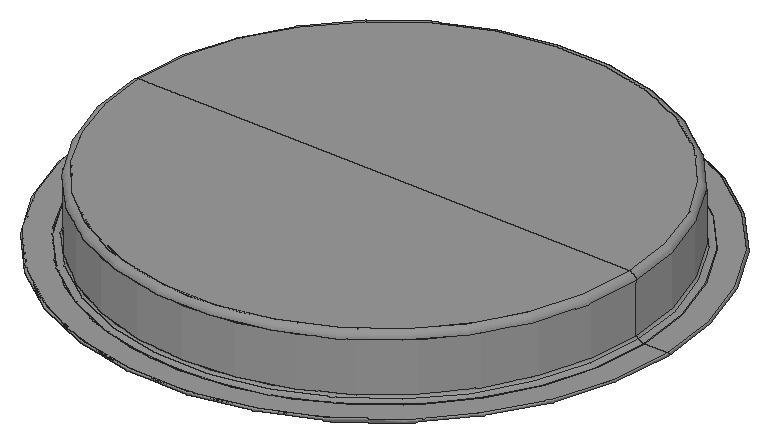
Revit family "MIA12_63_UN_Downlighter_ETK", category Lighting Fixtures, Revit 2017 (continued)
Definition of nested family "MIA.1 - Lightsource"
  Types (8, lengths in mm): name | Wattage | built-in parameter 1150134 | Photometric Web File | built-in parameter 1150142 | built-in parameter 1150105 | Lumens | built-in parameter 1150107 | built-in parameter 1150106
    MIA.1210.15 -  Ø180 / 10W / 1000lm / 3000K | 6.7321 W | (empty or 0) | "MIA.1210.15_LDT.ies" | "IESNA91\r\n[MANUFAC]  www.etk.nl\r\n[LUMCAT] MIA.1210.15\r\n[LUMINAIRE] MIA.1 LED 10W 3000K ø180 1000Lm mat wit \r\n[LAMP] LED\r\n[CHANGED] this file converted to 'ies' from 'ldt' by IES Viewer v2.99n    (C) Andrey Legotin\r\nTILT=NONE\r\n1 1000 1 181 24 1 2 0 -0.16 0\r\n1 1 10\r\n0 1 2 3 4 5 6 7 8 9 10 11 12 13 14 15 16 17 18 19 20 21 22 \r\n23 24 25 26 27 28 29 30 31 32 33 34 35 36 37 38 39 40 41 42 \r\n43 44 45 46 47 48 49 50 51 52 53 54 55 56 57 58 59 60 61 62 \r\n63 64 65 66 67 68 69 70 71 72 73 74 75 76 77 78 79 80 81 82 \r\n83 84 85 86 87 88 89 90 91 92 93 94 95 96 97 98 99 100 101 \r\n102 103 104 105 106 107 108 109 110 111 112 113 114 115 116 \r\n117 118 119 120 121 122 123 124 125 126 127 128 129 130 131 \r\n132 133 134 135 136 137 138 139 140 141 142 143 144 145 146 \r\n147 148 149 150 151 152 153 154 155 156 157 158 159 160 161 \r\n162 163 164 165 166 167 168 169 170 171 172 173 174 175 176 \r\n177 178 179 180 \r\n0 15 30 45 60 75 90 105 120 135 150 165 180 195 210 225 240 \r\n255 270 285 300 315 330 345 \r\n346.7666 346.96 346.9237 346.8029 346.1864 346.1139 \r\n345.4611 344.9293 344.1073 343.7931 342.8381 341.5206 \r\n340.2635 338.6317 336.9394 334.9934 332.5879 331.4638 \r\n329.7474 327.3661 325.1541 322.652 320.5125 317.95 314.9523 \r\n312.4018 309.4524 306.3459 303.0098 300.0121 296.9539 \r\n293.2189 289.5322 285.8697 282.0742 278.2546 274.6283 \r\n270.7845 266.8198 262.4199 258.3706 253.9466 249.5588 \r\n245.2315 240.2393 235.6219 230.9924 226.387 222.0839 \r\n216.6203 211.3381 206.5031 201.3659 196.3858 190.9223 \r\n185.8334 180.3941 175.0635 169.6483 163.8342 159.0112 \r\n153.318 147.4193 142.0525 136.4559 130.8473 125.0695 \r\n119.3884 113.7314 108.0865 102.4417 96.9298 91.3212 85.5675 \r\n80.1402 74.6283 69.1285 63.4715 58.1651 52.7257 47.3951 \r\n42.2217 37.0241 31.9231 26.8343 21.8421 16.9588 12.1721 \r\n7.5063 3.1911 0.7857 0.133 0.1209 0.1209 0.1209 0.1209 \r\n0.1209 0.1209 0.1209 0.1209 0.1209 0.133 0.1451 0.1571 \r\n0.1571 0.1692 0.1692 0.1813 0.1813 0.2055 0.2055 0.2176 \r\n0.2297 0.2418 0.2538 0.2659 0.2659 0.278 0.278 0.2901 \r\n0.3022 0.3264 0.3264 0.3143 0.3264 0.3385 0.3505 0.3505 \r\n0.3626 0.3747 0.3868 0.3868 0.3989 0.411 0.411 0.411 0.4352 \r\n0.4352 0.4352 0.4472 0.4472 0.4593 0.4714 0.4714 0.4835 \r\n0.4956 0.4956 0.4956 0.5077 0.5077 0.5077 0.5077 0.5198 \r\n0.5198 0.5198 0.5319 0.5319 0.5319 0.5319 0.5319 0.5319 \r\n0.5319 0.5319 0.5319 0.5319 0.5319 0.5319 0.556 0.556 0.556 \r\n0.556 0.6044 0.6165 0.6406 0.6406 0.6527 0.6527 0.6527 \r\n0.6527 0.6527 0.6406 \r\n348.3742 347.7578 349.2083 348.2413 348.0962 346.9842 \r\n346.5248 345.9084 346.0172 344.8326 343.6964 343.6722 \r\n341.0734 340.3119 338.2812 336.3472 334.5582 332.9868 \r\n331.1374 328.3936 327.2936 324.5739 321.3828 319.6059 \r\n316.4632 313.7314 311.4469 307.7602 305.0526 301.9098 \r\n298.6341 295.1287 291.7442 287.7674 284.5401 280.5633 \r\n276.9733 273.3954 269.0801 264.6924 260.6551 256.6421 \r\n252.1818 247.1776 243.092 238.535 234.0868 229.3122 \r\n224.4772 218.8807 213.2842 207.6877 202.5867 197.6067 \r\n192.7958 187.5378 181.9413 176.3447 170.8933 165.466 \r\n160.0266 154.6356 149.0632 143.4667 137.9669 132.455 \r\n126.931 120.7784 115.1698 109.6337 103.9768 98.2594 92.5299 \r\n86.9213 81.4094 75.9579 70.3856 64.9462 59.4585 54.14 \r\n48.7731 43.503 38.2086 33.0835 28.0189 23.063 18.0708 \r\n13.1875 8.4854 3.9889 1.1483 0.0967 0.0967 0.1088 0.1088 \r\n0.1088 0.1209 0.1209 0.1209 0.133 0.1451 0.1571 0.1692 \r\n0.1692 0.1813 0.1934 0.1934 0.2055 0.2176 0.2297 0.2297 \r\n0.2418 0.2538 0.2659 0.278 0.278 0.2901 0.3022 0.3143 \r\n0.3264 0.3264 0.3385 0.3505 0.3626 0.3626 0.3626 0.3747 \r\n0.3868 0.3989 0.3989 0.411 0.4231 0.4231 0.4352 0.4352 \r\n0.4472 0.4593 0.4593 0.4714 0.4714 0.4835 0.4956 0.5077 \r\n0.5077 0.5077 0.5077 0.5077 0.5319 0.5319 0.5319 0.5319 \r\n0.5319 0.5319 0.5319 0.5319 0.5319 0.5319 0.5439 0.5439 \r\n0.5439 0.5439 0.5439 0.5439 0.5439 0.556 0.556 0.556 0.5681 \r\n0.5681 0.5802 0.6044 0.6044 0.6165 0.6165 0.6165 0.6286 \r\n0.6286 0.6406 0.6286 0.6286 0.6406 \r\n347.794 348.1083 348.0479 347.7336 347.5402 347.6973 \r\n346.8512 346.0293 345.7512 344.5667 343.7326 342.5964 \r\n341.2426 340.0218 338.5229 336.9394 335.0538 333.4341 \r\n331.5363 329.2518 327.5837 324.719 322.2048 319.896 \r\n317.1401 313.816 311.193 308.3887 305.3427 301.8494 \r\n298.8396 295.2133 291.297 288.263 284.528 280.6237 276.6348 \r\n273.1415 269.4669 265.466 260.3409 256.5333 251.7104 \r\n247.0809 242.8865 238.8372 234.2198 228.9617 224.2717 \r\n219.2917 213.9369 209.2711 204.5207 198.9121 193.6178 \r\n188.5289 183.2346 177.3722 172.1383 166.6747 161.1749 \r\n156.1102 150.2115 144.5546 138.8614 133.3495 127.9101 \r\n121.9872 116.4511 110.7579 105.0647 99.3714 93.9562 88.3476 \r\n82.8357 77.1909 71.6306 66.1187 60.776 55.2037 49.7885 \r\n44.5908 39.3086 34.0868 28.9738 23.9333 18.9532 14.1182 \r\n9.3074 4.7625 1.4747 0.133 0.1209 0.1209 0.1209 0.1209 \r\n0.1209 0.1209 0.1209 0.1209 0.1209 0.1209 0.1451 0.1571 \r\n0.1571 0.1571 0.1692 0.1813 0.1934 0.2055 0.2055 0.2176 \r\n0.2297 0.2418 0.2418 0.2538 0.2659 0.278 0.278 0.2901 \r\n0.3022 0.3143 0.3264 0.3264 0.3264 0.3264 0.3385 0.3505 \r\n0.3626 0.3626 0.3868 0.3868 0.3989 0.3989 0.411 0.411 \r\n0.4352 0.4352 0.4352 0.4472 0.4472 0.4593 0.4714 0.4714 \r\n0.4835 0.4956 0.4956 0.5077 0.5077 0.5077 0.5077 0.5077 \r\n0.5198 0.5198 0.5319 0.5319 0.5319 0.5319 0.5319 0.5319 \r\n0.5439 0.5439 0.5439 0.5439 0.5439 0.5439 0.5439 0.556 \r\n0.556 0.556 0.5681 0.6044 0.6286 0.6406 0.6527 0.6648 \r\n0.6648 0.6769 0.6769 0.6648 0.6406 \r\n346.5369 347.8666 347.2017 346.4161 346.3798 346.4886 \r\n346.3677 345.8359 344.8205 344.7963 343.5755 342.0887 \r\n340.88 339.6591 338.8009 337.701 334.9208 332.9868 330.8594 \r\n328.865 327.487 324.2355 322.3861 319.6422 317.539 315.1819 \r\n311.2897 308.0019 304.7504 302.3087 299.166 295.999 \r\n292.2761 289.0971 285.7367 281.8808 277.7106 274.0602 \r\n269.89 265.7198 261.6826 257.0893 252.762 249.2929 244.0832 \r\n239.4416 234.7758 230.1946 225.553 220.0169 214.4688 \r\n208.9448 204.0977 199.0209 193.8595 188.6136 182.9929 \r\n177.6744 172.38 166.8923 161.465 156.1465 150.5137 144.893 \r\n139.369 133.7121 127.6804 122.3136 116.7533 111.0963 \r\n105.5482 99.7462 94.1376 88.4564 82.9808 77.3963 71.7515 \r\n66.4209 60.8365 55.6388 50.1511 44.8205 39.5383 34.4978 \r\n29.3485 24.3201 19.2917 14.36 9.6821 5.0284 1.5956 0.1088 \r\n0.0967 0.1088 0.1088 0.1209 0.1209 0.1209 0.133 0.1451 \r\n0.1451 0.1571 0.1571 0.1813 0.1813 0.1934 0.1934 0.2055 \r\n0.2176 0.2297 0.2418 0.2418 0.2538 0.2659 0.278 0.2901 \r\n0.2901 0.3143 0.3143 0.3264 0.3385 0.3385 0.3505 0.3626 \r\n0.3626 0.3747 0.3747 0.3868 0.3868 0.3989 0.411 0.4231 \r\n0.4231 0.4231 0.4352 0.4352 0.4352 0.4472 0.4593 0.4593 \r\n0.4714 0.4835 0.4956 0.5077 0.5077 0.5077 0.5198 0.5198 \r\n0.5198 0.5198 0.5198 0.5198 0.5198 0.5319 0.5319 0.5319 \r\n0.5319 0.5319 0.5319 0.5319 0.5439 0.5439 0.5439 0.5439 \r\n0.556 0.556 0.5681 0.5681 0.5802 0.5923 0.6044 0.6044 \r\n0.6165 0.6165 0.6286 0.6286 0.6406 0.6406 0.6406 0.6406 \r\n0.6406 \r\n347.0688 347.5402 348.0358 348.3501 348.2413 347.1655 \r\n346.7787 347.2259 345.8721 345.0381 343.9744 342.3788 \r\n341.3514 339.6229 338.7526 337.3142 335.1988 333.0956 \r\n330.8836 329.0221 327.1123 324.7069 322.2168 319.1708 \r\n317.1401 314.5655 311.3139 308.7151 305.3669 302.212 \r\n299.2747 295.5397 291.986 288.6377 284.9631 280.9017 \r\n277.348 273.5646 269.7208 265.611 261.1024 256.9201 \r\n252.4115 247.6611 243.2733 238.8734 233.7363 229.3606 \r\n224.586 219.3279 214.6863 209.5975 204.6416 199.3714 \r\n194.4035 189.0487 183.4159 178.1458 172.7306 166.9527 \r\n161.6584 156.2553 150.6829 145.0502 139.4778 133.8813 \r\n128.321 122.5553 117.1401 111.4469 105.7416 100.0363 \r\n94.3914 88.5894 83.1863 77.6139 72.0053 66.6143 60.9573 \r\n55.663 50.3324 45.0018 39.8163 34.5703 29.4331 24.4168 \r\n19.4246 14.5413 9.7667 5.1735 1.6439 0.1692 0.1209 0.1088 \r\n0.1088 0.1088 0.1088 0.1088 0.1088 0.1088 0.1209 0.1209 \r\n0.1451 0.1451 0.1571 0.1571 0.1692 0.1813 0.1813 0.2055 \r\n0.2176 0.2176 0.2297 0.2297 0.2418 0.2538 0.2659 0.278 \r\n0.278 0.2901 0.3022 0.3264 0.3264 0.3264 0.3264 0.3385 \r\n0.3505 0.3505 0.3626 0.3747 0.3747 0.3868 0.3989 0.411 \r\n0.411 0.411 0.4352 0.4352 0.4472 0.4352 0.4352 0.4472 \r\n0.4472 0.4593 0.4593 0.4714 0.4714 0.4956 0.4956 0.5077 \r\n0.5077 0.5077 0.5198 0.5198 0.5198 0.5319 0.5319 0.5319 \r\n0.5319 0.5319 0.5319 0.5319 0.5319 0.5319 0.5319 0.5439 \r\n0.5439 0.5439 0.556 0.556 0.5681 0.6044 0.6286 0.6406 \r\n0.6527 0.6648 0.6769 0.6769 0.6769 0.6648 0.6406 \r\n347.794 348.1687 348.2654 347.4677 348.2171 347.238 \r\n347.3105 347.3105 345.6425 345.0743 343.9502 343.2975 \r\n341.9074 340.1185 338.7888 337.3504 335.7186 333.7 331.633 \r\n329.8078 327.7408 325.0453 322.7124 320.0894 317.5632 \r\n314.3962 312.3414 308.5459 305.8262 302.3329 299.7824 \r\n296.3133 293.0134 289.4597 285.4345 281.9896 277.904 \r\n274.4712 270.3493 266.6022 262.2628 257.6695 253.1125 \r\n248.8577 244.6392 239.8888 235.3197 230.3759 225.8189 \r\n220.2708 214.7226 209.1744 203.9043 198.9605 193.8716 \r\n188.6015 183.2588 177.7832 172.3438 167.0615 161.5134 \r\n155.9289 150.3203 144.5788 139.1394 133.4462 127.8134 \r\n122.1322 116.4995 110.7579 105.1855 99.6374 93.92 88.3114 \r\n82.7874 76.9491 71.3889 66.0703 60.5584 55.2158 49.8852 \r\n44.5304 39.2723 34.0505 28.9496 23.9454 18.929 14.1061 \r\n9.3557 4.7625 1.4505 0.1088 0.1088 0.1088 0.1088 0.1209 \r\n0.1209 0.1209 0.133 0.1451 0.1571 0.1571 0.1692 0.1813 \r\n0.1813 0.1934 0.2055 0.2176 0.2176 0.2297 0.2418 0.2538 \r\n0.2659 0.2659 0.278 0.2901 0.3022 0.3143 0.3264 0.3264 \r\n0.3385 0.3505 0.3505 0.3626 0.3626 0.3747 0.3747 0.3989 \r\n0.3989 0.411 0.4231 0.4352 0.4352 0.4352 0.4472 0.4472 \r\n0.4593 0.4714 0.4714 0.4835 0.4835 0.4956 0.5077 0.5077 \r\n0.5077 0.5198 0.5077 0.5198 0.5198 0.5319 0.5319 0.5319 \r\n0.5319 0.5319 0.5319 0.5319 0.5319 0.5319 0.5319 0.5439 \r\n0.5439 0.5439 0.5439 0.556 0.556 0.5681 0.5681 0.5802 \r\n0.5802 0.5923 0.6044 0.6165 0.6286 0.6286 0.6406 0.6406 \r\n0.6527 0.6648 0.6527 0.6527 0.6406 \r\n347.4918 347.4556 347.0325 346.9842 346.5611 346.2589 \r\n344.7842 343.3579 342.959 342.2338 341.025 339.9613 \r\n338.6438 336.9515 335.1868 333.3253 331.5363 329.699 \r\n327.4387 324.586 322.0355 320.3554 317.6599 314.3962 \r\n312.1963 309.1502 306.08 302.9494 299.6011 296.7243 \r\n293.6299 289.7256 286.0389 282.8841 279.4029 275.3656 \r\n271.7877 267.5571 263.3627 259.2893 254.8773 250.9489 \r\n246.3314 242.0283 237.4109 232.9626 228.3694 223.6553 \r\n218.2401 212.8128 207.3855 202.0065 197.5946 192.1794 \r\n187.2235 182.1709 176.8645 171.6548 166.5297 161.054 \r\n155.4938 150.0665 144.8447 139.5141 133.8692 128.1035 \r\n122.7004 117.1643 111.7853 106.2976 100.8703 95.3705 \r\n89.9553 84.5038 79.2457 73.6976 68.2098 63.0726 57.7058 \r\n52.5565 47.3589 42.3426 37.3021 32.3462 27.4628 22.6278 \r\n17.9016 13.1996 8.6667 4.2669 1.2571 0.0484 0.0604 0.0604 \r\n0.0725 0.0604 0.0725 0.0846 0.0846 0.0967 0.0967 0.1088 \r\n0.1209 0.1209 0.133 0.1451 0.1451 0.1571 0.1692 0.1813 \r\n0.1813 0.1934 0.2055 0.2055 0.2176 0.2297 0.2418 0.2418 \r\n0.2538 0.2538 0.2659 0.278 0.278 0.2901 0.3022 0.3022 \r\n0.3143 0.3143 0.3264 0.3264 0.3385 0.3505 0.3626 0.3626 \r\n0.3626 0.3747 0.3747 0.3868 0.3989 0.411 0.411 0.4231 \r\n0.4352 0.4352 0.4472 0.4472 0.4593 0.4593 0.4714 0.4714 \r\n0.4714 0.4835 0.4835 0.4956 0.4835 0.4956 0.5077 0.5077 \r\n0.5319 0.5319 0.5439 0.5439 0.556 0.5681 0.5802 0.5802 \r\n0.5923 0.6044 0.6165 0.6165 0.6165 0.6286 0.6286 0.6286 \r\n0.6406 0.6406 0.6406 0.6406 0.6406 0.6406 0.6406 \r\n348.6764 348.9907 348.3863 347.516 346.8029 346.4886 \r\n345.8359 345.0864 344.0348 342.8986 341.6173 340.3239 \r\n339.3449 337.2295 335.2955 333.3132 331.6814 329.3122 \r\n327.7408 325.4321 322.7487 320.4883 318.2159 315.6896 \r\n312.2809 309.3557 306.6965 303.8317 300.0242 296.5551 \r\n292.7475 289.6531 285.8697 282.5819 278.4117 274.9547 \r\n271.413 267.3758 263.121 258.6486 254.2367 249.9819 \r\n245.3282 240.5173 236.1779 231.8869 226.8101 222.1806 \r\n217.3456 212.4501 207.6756 202.5746 197.6188 192.1552 \r\n187.1026 182.1105 176.8766 171.5218 166.1912 160.5222 \r\n155.5663 149.8489 144.204 138.7767 133.2165 127.7167 \r\n122.096 116.717 111.2172 105.7053 100.2055 94.6211 89.2784 \r\n83.8511 78.3392 72.9844 67.5209 62.2749 56.9564 51.928 \r\n46.6699 41.569 36.5043 31.4517 26.6892 21.818 16.9588 \r\n12.3776 7.8206 3.5537 0.9428 0.0967 0.0725 0.0725 0.0725 \r\n0.0725 0.0725 0.0725 0.0725 0.0725 0.0846 0.0967 0.0967 \r\n0.0967 0.1088 0.1209 0.133 0.133 0.1451 0.1571 0.1571 \r\n0.1692 0.1813 0.1813 0.1934 0.2055 0.2176 0.2176 0.2297 \r\n0.2418 0.2418 0.2538 0.2659 0.2659 0.278 0.278 0.2901 \r\n0.2901 0.3022 0.3143 0.3143 0.3264 0.3264 0.3385 0.3385 \r\n0.3505 0.3505 0.3626 0.3626 0.3868 0.3868 0.3989 0.3989 \r\n0.411 0.4231 0.4231 0.4472 0.4352 0.4352 0.4472 0.4472 \r\n0.4472 0.4472 0.4593 0.4593 0.4593 0.4714 0.4956 0.4956 \r\n0.5077 0.5077 0.5198 0.5319 0.5439 0.556 0.556 0.5681 \r\n0.5681 0.5802 0.5923 0.6286 0.6286 0.6406 0.6406 0.6527 \r\n0.6648 0.6648 0.6648 0.6648 0.6406 0.6406 \r\n347.5281 347.5281 347.8424 347.9391 347.4677 346.3677 \r\n346.5853 345.2798 343.7326 342.5118 341.4723 339.8525 \r\n338.5592 336.746 335.0659 333.6396 331.2704 329.421 \r\n326.5925 325.1541 322.7971 320.4762 317.6236 314.7589 \r\n311.5919 308.5338 305.8866 302.5867 299.5286 295.9869 \r\n292.9288 289.1092 285.4829 281.9171 278.2787 274.314 \r\n270.2526 265.9857 262.3957 258.0322 254.2971 248.894 \r\n244.9414 240.2514 235.8153 231.0045 226.4717 221.1531 \r\n215.8346 210.5161 205.669 200.8824 195.3584 190.5113 \r\n185.3983 180.3941 174.5558 169.5999 164.3297 158.9871 \r\n153.5114 147.9512 142.4876 137.0966 131.5001 125.9761 \r\n120.4883 114.8918 109.6217 103.9647 98.5737 93.1464 87.5378 \r\n82.2072 76.8766 71.3647 66.0462 60.8365 55.5663 50.3445 \r\n45.2315 40.1668 35.0296 30.0616 25.2508 20.4279 15.7863 \r\n11.1205 6.6119 2.5505 0.4835 0.0484 0.0484 0.0604 0.0604 \r\n0.0725 0.0725 0.0846 0.0846 0.0967 0.0967 0.1088 0.1209 \r\n0.1209 0.133 0.1451 0.1571 0.1571 0.1692 0.1813 0.1934 \r\n0.1934 0.2055 0.2055 0.2176 0.2297 0.2418 0.2418 0.2538 \r\n0.2538 0.2659 0.278 0.278 0.2901 0.2901 0.3022 0.3143 \r\n0.3143 0.3264 0.3264 0.3385 0.3385 0.3505 0.3505 0.3626 \r\n0.3626 0.3747 0.3868 0.3989 0.3989 0.411 0.4231 0.4231 \r\n0.4352 0.4472 0.4472 0.4593 0.4593 0.4593 0.4714 0.4714 \r\n0.4714 0.4714 0.4835 0.4835 0.4956 0.5077 0.5077 0.5198 \r\n0.5319 0.5439 0.5439 0.556 0.5681 0.5681 0.5802 0.5923 \r\n0.6044 0.6165 0.6165 0.6165 0.6165 0.6286 0.6286 0.6286 \r\n0.6286 0.6406 0.6286 0.6286 0.6286 0.6406 \r\n348.1083 347.3105 346.5974 346.4886 346.5248 345.9205 \r\n345.026 343.926 343.5876 342.0404 340.1064 339.2723 \r\n337.3625 336.1658 333.7121 331.9836 330.4243 328.0672 \r\n325.8552 323.2685 320.8872 317.9258 315.3753 312.5831 \r\n309.4162 306.7569 303.723 300.9187 297.9814 294.198 \r\n290.5838 286.9455 283.5247 279.693 276.1634 272.0658 \r\n268.0527 264.1605 259.8332 255.3487 250.961 246.7666 \r\n242.1733 238.124 233.6275 228.7562 223.752 218.8928 214.082 \r\n209.3557 204.5086 199.7099 194.4639 189.0608 183.6819 \r\n178.7622 173.1778 168.0527 162.7705 157.2344 151.9038 \r\n146.3556 140.9767 135.2714 130.1342 124.7311 119.1708 \r\n113.5138 108.014 102.5384 97.2803 91.708 86.1598 80.805 \r\n75.3052 69.9142 64.5473 59.3618 54.0916 49.0149 43.8051 \r\n38.8493 33.8088 28.8045 24.0421 19.2796 14.5534 9.8634 \r\n5.4756 1.8252 0.1813 0.0725 0.0725 0.0725 0.0725 0.0725 \r\n0.0725 0.0725 0.0725 0.0725 0.0967 0.0967 0.0967 0.0967 \r\n0.1088 0.1209 0.133 0.1451 0.1571 0.1571 0.1571 0.1692 \r\n0.1813 0.1813 0.2055 0.2055 0.2176 0.2176 0.2297 0.2418 \r\n0.2418 0.2538 0.2659 0.2659 0.2659 0.278 0.278 0.2901 \r\n0.3022 0.3143 0.3143 0.3264 0.3264 0.3264 0.3385 0.3385 \r\n0.3505 0.3626 0.3747 0.3868 0.3868 0.3989 0.3989 0.3989 \r\n0.411 0.4231 0.4352 0.4352 0.4472 0.4352 0.4472 0.4472 \r\n0.4472 0.4593 0.4593 0.4593 0.4714 0.4835 0.4835 0.4956 \r\n0.5077 0.5198 0.5198 0.5439 0.556 0.556 0.556 0.5681 0.5681 \r\n0.5923 0.6165 0.6286 0.6286 0.6286 0.6406 0.6406 0.6527 \r\n0.6527 0.6527 0.6406 0.6406 \r\n347.5765 347.3105 347.1534 347.0688 346.2589 345.2798 \r\n344.7963 343.8172 342.7535 341.6415 340.058 339.0548 \r\n337.1812 335.1505 333.2648 331.3913 329.4331 326.9552 \r\n324.9365 322.2894 320.0411
